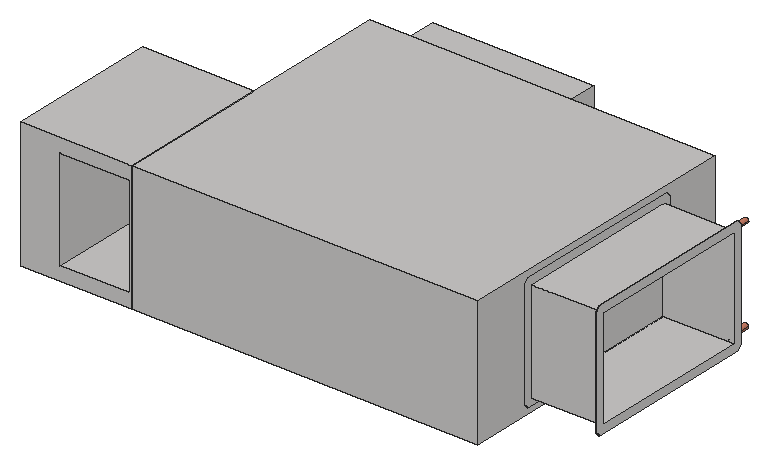
Revit family
Parameters
  Width = 3' - 1"
  Voltage = 120 V
  Unit Weight = if(and(Size Option = 1, Number of Rows = 1), "189.0 lbs", if(and(Size Option = 1, Number of Rows = 2), "192.0 lbs", if(and(Size Option = 2, Number of Rows = 1), "194.0 lbs", if(and(Size Option = 2, Number of Rows = 2), "197.0 lbs", "0"))))  # "194.0 lbs"
  UltraLoc Liner = Choose Liner Option = 3  # no
  URL = "http://www.titus-hvac.com/"
  UL = "181"
  Supply Air Flow [instance] = 0 CFM
  SteriLoc Liner = Choose Liner Option = 2  # no
  Size Option = 2
  Size C = Size Option = 2  # yes
  Size B = Size Option = 1  # no
  Secondary Material = Copper Connectors
  Primary Air Pressure Drop [instance] = 0.00 in-wg
  Primary Air Flow [instance] = 0 CFM
  Pressure [instance] = 0.00 psi
  Plenum Air Pressure Drop [instance] = 0.00 in-wg
  Plenum Air Flow [instance] = 0 CFM
  Outlet Width = 1' - 8 1/2"
  Outlet Height = 1' - 0 1/2"
  Number of Rows = 1
  Number of Poles = 1
  Nominal Width = Width + 0' 6 1/4"  # 3' - 7 1/4"
  Nominal Length = Length + 1' 1 7/8" + 0' 9"  # 5' - 5 7/8"
  Nominal Inlet Size = 0' - 8"
  Nominal Height = 1' - 4"
  NFPA = "90A"
  Motor Full Load Amps [instance] = 4 A
  Model = "DTFS-F"
  Min. Air Flow = 0 CFM
  Max. Air Flow = 900 CFM
  Material = Galvanized Steel
  Manufacturer = "Titus"
  Length = 3' - 7"
  Juction Box Offset = 0' - 2 7/8"
  Inlet Diameter = Nominal Inlet Size - 0' 0 1/8"  # 0' - 7 7/8"
  Induced Air Inlet Width = 1' - 1 7/8"
  Induced Air Inlet Offset = (Height - Induced Air Inlet Connection Height) / 2  # 0' - 1 11/16"
  Induced Air Inlet Height = 1' - 7"
  Induced Air Inlet Connection Width = 0' - 8 3/4"
  Induced Air Inlet Connection Height = 1' - 0 5/8"
  Induced Air Filter = no
  Height = 1' - 4"
  Heating Total Capacity [instance] = 0 Btu/h
  Heating Entering Water Temp = 0 °F
  Half Outlet Connection Width = Outlet Width / 2  # 0' - 10 1/4"
  Half Outlet Connection Height = Outlet Height / 2  # 0' - 6 1/4"
  Half Height Start = -(Height / 2)  # -0' - 8"
  Half Height End = Height / 2  # 0' - 8"
  HWC Option = HWC Section : B-C - 1 Row
  HWC Connector Radius = 5/16"
  HP-Motor = "1/4"
  Gallons Per Minute [instance] = 0 GPM
  Frequency = 60 Hz
  Flange Offset = 0' - 1"
  Filter Size = "11\"x14\""
  Fiber Free Liner = Choose Liner Option = 1  # no
  Fan Disconnect Switch = no
  Duct Radius = Nominal Inlet Size / 2  # 0' - 4"
  Description = "Ultra Quiet Series Fan Powered Terminal Unit, Direct Digital Control, Pressure Independent"
  Connector Vertical Offset = 0' - 11 3/4"
  HWC Connector Length = 0' - 3"
  Connector Horizontal Offset = if(Number of Rows = 1, 0' 0", if(Number of Rows = 2, 0' 1", 0' 0"))  # 0' - 0"
  Connection Void Radius = Connection Radius - 0' 0 1/4"  # 0' - 3 11/16"
  Connection Radius = Inlet Diameter / 2  # 0' - 3 15/16"
  Choose Liner Option = 0
  CADworks URL = "www.CADworks.net"
  Assembly Code = "D3040100"
  Apparent Power [instance] = Voltage * Motor Full Load Amps  # 480 VA
  Air Inlet Offset = 0' - 6"
  1/2" Fiberglass Liner = Choose Liner Option = 0  # yes
  1" Fiberglass Liner = Choose Liner Option = 4  # no
Reference planes (in)
  plane 1 "Center (Front/Back)": y = 0
  plane 2: z = 0
  plane 3 "Center (Left/Right)": x = 3
  plane 4: x = -18.5
  plane 5: x = 24.5
  plane 6: x = -15.625
  plane 7: x = -21.875
  plane 8: z = 0
  plane 9: y = -18.5
  plane 10: y = 18.5
  plane 11: y = 12.5
  plane 12: z = 0
  plane 13: x = 33.5
  plane 14: x = 32.5
  plane 15: y = 13.25
  plane 16: y = 10.25
  plane 17: z = 5.875
  plane 18: z = -5.875
  plane 19: x = 32.5
  plane 20: y = 24.75
  plane 21: x = -32.375
  plane 22: z = 8
  plane 23: z = -8
Forms (in)
  Extrusion 1, solid, material "Galvanized Steel" <- "Material"
    sketch origin (0, 0, 0) x (1, 0, 0) y (0, 1, 0)
      loop
        line (-18.5, 18.5) -> (-18.5, -18.5) -> (24.5, -18.5) -> (24.5, 18.5) -> (-18.5, 18.5)
    from -8 <- "Half Height Start" to 8 <- "Half Height End"
  Extrusion 2, solid, material "Galvanized Steel" <- "Material"
    sketch origin (0, 0, 0) x (1, 0, 0) y (0, 1, 0)
      loop
        line (-32.375, 0.5) -> (-32.375, -18.5) -> (-18.5, -18.5) -> (-18.5, 0.5) -> (-32.375, 0.5)
    from -8 <- "Half Height Start" to 8 <- "Half Height End"
  Extrusion 3, void
    sketch origin (0, -18.5, 0) x (1, 0, 0) y (0, 0, -1)
      loop
        line (-18.75, 6.3125) -> (-27.5, 6.3125) -> (-27.5, -6.3125) -> (-18.75, -6.3125) -> (-18.75, 6.3125)
    from 0 to 16
  Extrusion 4, solid, material "Galvanized Steel" <- "Material"
    sketch origin (3, 0, 30) x (1, 0, 0) y (0, 1, 0)
      loop
        line (-18.625, 18.5) -> (1.375, 18.5) -> (1.375, 24.75) -> (-18.625, 24.75) -> (-18.625, 18.5)
    from -36 to -24
  Extrusion 5, solid, material "Galvanized Steel" <- "Material"
    sketch origin (-24.875, -2, 0) x (0, 0, -1) y (0, 1, 0)
      loop
        circle (0, 14.5) r 3.9375
    from 3 to 6.375
  Extrusion 6, void
    sketch origin (-24.875, 0, 0) x (0, 1, 0) y (0, 0, 1)
      loop
        circle (12.5, 0) r 3.6875
    from -4.24974 to 15.25
  Extrusion 7, void, detail levels fine
    sketch origin (33.5, -10.25, 6.25) x (0, 0, 1) y (0, -1, 0)
      loop
        line (-12.5, 0) -> (-12.5, -20.5) -> (0, -20.5) -> (0, 0) -> (-12.5, 0)
    from -0.0625 to 0
  Extrusion 8, solid, material "Copper Connectors" <- "Secondary Material", detail levels fine
    sketch origin (0, 0, 0) x (1, 0, 0) y (0, 0, 1)
      loop
        circle (32.5, 5.875) r 0.3125
    from -13.25 to -10.3125
  Extrusion 9, solid, material "Copper Connectors" <- "Secondary Material", detail levels fine
    sketch origin (0, 0, 0) x (1, 0, 0) y (0, 0, 1)
      loop
        circle (32.5, -5.875) r 0.3125
    from -13.25 to -10.3125
Cuts and joins
  Extrusion 3 cuts Extrusion 2
  Extrusion 6 cuts Extrusion 1
  Extrusion 6 cuts Extrusion 5
Dimensions and locks (in)
  "Length": plane 5 to plane 4
  equal spacing: plane 5, plane 3 "Center (Left/Right)", plane 4
  locked: Extrusion 4 to plane 6 at 0
  locked: Extrusion 4 to Extrusion 4 at 20
  "Juction Box Offset": plane 6 to plane 4
  locked: plane 4 to plane 7 at 3.375
  "Width": plane 9 to plane 10
  equal spacing: plane 9, plane 1 "Center (Front/Back)", plane 10
  locked: Extrusion 5 sketch curve to level at 0
  locked: Extrusion 5 sketch curve to plane 11 at 0
  locked: Extrusion 6 sketch curve to level at 0
  locked: Extrusion 6 sketch curve to plane 11 at 0
  locked: Extrusion 4 to Extrusion 4 at 6.25
  locked: Extrusion 4 to Extrusion 4 at 12
  equal spacing: Extrusion 4, plane 8, Extrusion 4
  "Air Inlet Offset": plane 10 to plane 11
  "Induced Air Inlet Height": cut or joined group of Extrusion 2, Extrusion 3 to cut or joined group of Extrusion 2, Extrusion 3
  locked: cut or joined group of Extrusion 5, Extrusion 6 to cut or joined group of Extrusion 5, Extrusion 6 at 3.375
  "Induced Air Inlet Connection Height": Extrusion 3 sketch curve to Extrusion 3 sketch curve
  "Induced Air Inlet Offset": Extrusion 3 sketch curve to cut or joined group of Extrusion 2, Extrusion 3
  "Induced Air Inlet Connection Width": Extrusion 3 sketch curve to Extrusion 3 sketch curve
  locked: Extrusion 3 sketch curve to cut or joined group of Extrusion 1, Extrusion 6 at 0.25
  locked: plane 5 to plane 13 at 9
  locked: plane 14 to plane 13 at 1
  locked: plane 17 to plane 18 at 11.75
  equal spacing: plane 17, plane 12, plane 18
  "Connector Horizontal Offset": plane 19 to plane 14
  "HWC Connector Length": plane 16 to plane 15
  locked: cut or joined group of Extrusion 2, Extrusion 3 to cut or joined group of Extrusion 2, Extrusion 3 at 16
  equal spacing: cut or joined group of Extrusion 2, Extrusion 3, plane 12, cut or joined group of Extrusion 2, Extrusion 3
  locked: cut or joined group of Extrusion 1, Extrusion 6 to cut or joined group of Extrusion 2, Extrusion 3 at 16
  equal spacing: cut or joined group of Extrusion 1, Extrusion 6, plane 12, cut or joined group of Extrusion 1, Extrusion 6
  locked: cut or joined group of Extrusion 2, Extrusion 3 to cut or joined group of Extrusion 2, Extrusion 3 at 13.875
  locked: nested 1 to cut or joined group of Extrusion 1, Extrusion 6 at 1.6875
  locked: cut or joined group of Extrusion 1, Extrusion 6 to nested 1 at 1.6875
  "Connection Radius": radius of Extrusion 5 sketch curve
  "Connection Void Radius": radius of Extrusion 6 sketch curve
  "HWC Connector Radius": radius of Extrusion 8 sketch curve
  "HWC Connector Radius": radius of Extrusion 9 sketch curve
  aligned and locked: plane 10 to Extrusion 4
  aligned and locked: plane 7 to cut or joined group of Extrusion 5, Extrusion 6
  aligned and locked: plane 9 to cut or joined group of Extrusion 2, Extrusion 3  (x3)
  aligned and locked: nested 1 to Extrusion 8
  aligned and locked: plane 15 to Extrusion 8
  aligned and locked: nested 1 to Extrusion 9
  aligned and locked: plane 15 to Extrusion 9
  aligned and locked: plane 5 to cut or joined group of Extrusion 1, Extrusion 6
  aligned and locked: cut or joined group of Extrusion 1, Extrusion 6 to plane 10
  aligned and locked: plane 9 to cut or joined group of Extrusion 1, Extrusion 6
  aligned and locked: cut or joined group of Extrusion 1, Extrusion 6 to plane 4
  aligned and locked: cut or joined group of Extrusion 1, Extrusion 6 to nested 1
  aligned and locked: cut or joined group of Extrusion 5, Extrusion 6 to cut or joined group of Extrusion 1, Extrusion 6
  aligned and locked: cut or joined group of Extrusion 2, Extrusion 3 to cut or joined group of Extrusion 1, Extrusion 6
  aligned and locked: plane 22 to cut or joined group of Extrusion 2, Extrusion 3
  aligned and locked: plane 22 to cut or joined group of Extrusion 1, Extrusion 6
  aligned and locked: plane 23 to cut or joined group of Extrusion 2, Extrusion 3
  aligned and locked: plane 23 to cut or joined group of Extrusion 1, Extrusion 6
  aligned and locked: plane 20 to Extrusion 4
  aligned and locked: plane 21 to cut or joined group of Extrusion 2, Extrusion 3
  aligned and locked: plane 13 to nested 1
Automatic sketch dimensions
  Extrusion 1 sketch curve to plane 4 = 0' - 0"
  Extrusion 1 sketch curve to plane 5 = 0' - 0"
  Extrusion 1 sketch curve to plane 9 = 0' - 0"
  Extrusion 1 sketch curve to plane 10 = 0' - 0"
  Extrusion 2 sketch curve to plane 4 = 0' - 0"
  Extrusion 2 sketch curve to plane 9 = 0' - 0"
  Extrusion 2 sketch curve to plane 1 "Center (Front/Back)" = 0' - 0 1/2"
  Extrusion 4 sketch curve to plane 6 = 0' - 0"
  Extrusion 4 sketch curve to plane 10 = 0' - 0"
  plane 3 "Center (Left/Right)" to Extrusion 4 sketch curve = 0' - 1 3/8"
  Extrusion 4 sketch curve to plane 10 = 0' - 6 1/4"
  Extrusion 2 sketch curve to plane 7 = 0' - 10 1/2"
  Extrusion 7 sketch curve to nested 1 = 0' - 0"  (x4)
  Extrusion 8 sketch curve to plane 17 = 0' - 0"
  Extrusion 8 sketch curve to plane 19 = 0' - 0"
  Extrusion 9 sketch curve to plane 14 = 0' - 0"
  Extrusion 9 sketch curve to plane 18 = 0' - 0"
Nested families (in)
  nested 1: "HWC Section" at (29, 0, 0) x (0, 1, 0) z (0, 0, 1), type <- "HWC Option", type "B-C - 1 Row"
Connectors (in)
  electrical at (-5.625, 24.75, 0), driven by "Apparent Power", driven by "Voltage", driven by "Number of Poles"
    settings: on Extrusion 4, index 8
  hvac at (-21.875, 12.5, 0), driven by "Duct Radius", driven by "Primary Air Pressure Drop", driven by "Primary Air Flow"
    settings: on cut or joined group of Extrusion 5, Extrusion 6, index 9
  hvac at (-23.125, -18.5, 0), driven by "Induced Air Inlet Connection Height", driven by "Induced Air Inlet Connection Width", driven by "Plenum Air Pressure Drop", driven by "Plenum Air Flow"
    settings: on cut or joined group of Extrusion 2, Extrusion 3, index 10
  hvac at (33.5, 0, 0), driven by "Outlet Height", driven by "Outlet Width", driven by "Supply Air Flow"
    settings: on Extrusion 7, index 11
  piping at (32.5, 13.25, 5.875), driven by "Gallons Per Minute", driven by "Pressure", driven by "HWC Connector Radius"
    settings: on Extrusion 8, index 12
  piping at (32.5, 13.25, -5.875), driven by "Gallons Per Minute", driven by "HWC Connector Radius", driven by "Pressure"
    settings: on Extrusion 9, index 13
Definition of nested family "HWC Section"
  Parameters (values of type "B-C - 1 Row")
    Visibility = yes
    Secondary Material = Copper Connectors
    Number of Rows = 1
    Material = Galvanized Steel
    Half Width = HWC Width / 2  # 0' - 10 1/4"
    Half Length-Start = -(HWC Length / 2)  # -0' - 4 1/2"
    Half Length-End = HWC Length / 2  # 0' - 4 1/2"
    HWC Connection Radius = 5/16"
    Flange Offset = 0' - 1"
    Duct Vertical Offset = HWC Height - 0' 0 1/2"  # 1' - 0"
    Duct Horizontal Offset = HWC Width - 0' 0 1/2"  # 1' - 8"
    Connector Vertical Offset = 0' - 11 3/4"
    HWC Width = 1' - 8 1/2"
    HWC Height = 1' - 0 1/2"
    HWC Length = 0' - 9"  # constant formula
    Gallons Per Minute = 0 GPM
    Connector Length = 0' - 3"
    Connector Horizontal Offset = 0' - 0"
  Types (5): name | Number of Rows | Half Width | Flange Offset | Duct Vertical Offset | Duct Horizontal Offset | Connector Vertical Offset | HWC Width | HWC Height | Connector Horizontal Offset
    (no name) | 1 | 0' - 10 1/4" | 0' - 1" | 1' - 0" | 1' - 8" | 0' - 11 3/4" | 1' - 8 1/2" | 1' - 0 1/2" | 0' - 0"
    B-C - 1 Row | 1 | 0' - 10 1/4" | 0' - 1" | 1' - 0" | 1' - 8" | 0' - 11 3/4" | 1' - 8 1/2" | 1' - 0 1/2" | 0' - 0"
    B-C - 2 Row | 2 | 0' - 10 1/4" | 0' - 1" | 1' - 0" | 1' - 8" | 0' - 11 3/4" | 1' - 8 1/2" | 1' - 0 1/2" | 0' - 1"
    D-E - 1 Row | 1 | 1' - 0 1/2" | 0' - 1 1/4" | 1' - 5" | 2' - 0 1/2" | 1' - 4 1/4" | 2' - 1" | 1' - 5 1/2" | 0' - 0"
    D-E - 2 Row | 2 | 1' - 0 1/2" | 0' - 1 1/4" | 1' - 5" | 2' - 0 1/2" | 1' - 4 3/4" | 2' - 1" | 1' - 5 1/2" | 0' - 1"
  Reference planes (in)
    plane 1 "Center (Front/Back)": y = 0
    plane 2: z = 0
    plane 3 "Center (Left/Right)": x = 0
    plane 4: x = -10.25
    plane 5: x = 10.25
    plane 6: y = 4.5
    plane 7: y = -4.5
    plane 8: z = 6.25
    plane 9: z = -6.25
    plane 10: z = 5.875
    plane 11: z = -5.875
    plane 12: y = 3.5
    plane 13: y = 3.5
    plane 14: x = 13.25
  Forms (in)
    Extrusion 1, solid, material "Galvanized Steel" <- "Material", visible <- "Visibility"
      sketch origin (0, 0, 0) x (1, 0, 0) y (0, 0, 1)
        loop
          line (-10.3125, 6.3125) -> (-10.3125, -6.3125) -> (10.3125, -6.3125) -> (10.3125, 6.3125) -> (-10.3125, 6.3125)
      from -4.375 <- "Half Length-Start" to 4.5 <- "Half Length-End"
    Extrusion 2, void, detail levels fine
      sketch origin (0, 0, 0) x (1, 0, 0) y (0, 0, 1)
        loop
          line (-10.25, -6.25) -> (10.25, -6.25) -> (10.25, 6.25) -> (-10.25, 6.25) -> (-10.25, -6.25)
      from -4.5 <- "Half Length-Start" to 4.5 <- "Half Length-End"
    Extrusion 3, solid, material "Copper Connectors" <- "Secondary Material", visible <- "Visibility"
      sketch origin (6, 2.625, 0) x (0, 1, 0) y (0, 0, 1)
        loop
          circle (0.875, -5.875) r 0.3125
      from 4.3125 to 7.25
    Extrusion 4, solid, material "Galvanized Steel" <- "Material", visible <- "Visibility"
      sketch origin (0, -4.375, 0) x (1, 0, 0) y (0, 0, 1)
        loop
          line (-10.25, 6.25) -> (-10.25, -6.25) -> (10.25, -6.25) -> (10.25, 6.25) -> (-10.25, 6.25)
        loop
          line (-11.25, 6.75) -> (-11.25, -6.75) -> (-10.75, -7.25) -> (10.75, -7.25) -> (11.25, -6.75) -> (11.25, 6.75) -> (10.75, 7.25) -> (-10.75, 7.25) -> (-11.25, 6.75)
      from 0 to 0.125
    Extrusion 5, solid, material "Copper Connectors" <- "Secondary Material", visible <- "Visibility"
      sketch origin (6, -0.5, 0) x (0, 1, 0) y (0, 0, 1)
        loop
          circle (4, 5.875) r 0.3125
      from 4.3125 to 7.25
    Extrusion 6, solid, material "Galvanized Steel" <- "Material", visible <- "Visibility"
      sketch origin (0, 4.375, 0) x (1, 0, 0) y (0, 0, -1)
        loop
          line (-10.25, -6.25) -> (10.25, -6.25) -> (10.25, 6.25) -> (-10.25, 6.25) -> (-10.25, -6.25)
        loop
          line (-11.25, -6.75) -> (-10.75, -7.25) -> (10.75, -7.25) -> (11.25, -6.75) -> (11.25, 6.75) -> (10.75, 7.25) -> (-10.75, 7.25) -> (-11.25, 6.75) -> (-11.25, -6.75)
      from 0 to 0.125
  Cuts and joins
    Extrusion 2 cuts Extrusion 1
    joined: Extrusion 1, Extrusion 4, Extrusion 6
  Dimensions and locks (in)
    "HWC Width": plane 4 to plane 5
    equal spacing: plane 4, plane 3 "Center (Left/Right)", plane 5
    "HWC Height": plane 8 to plane 9
    equal spacing: plane 8, plane 2, plane 9
    equal spacing: plane 10, plane 2, plane 11
    locked: plane 12 to plane 6 at 1
    "Connector Horizontal Offset": plane 13 to plane 12
    locked: plane 7 to Extrusion 4 at 0.125
    locked: Extrusion 6 to plane 6 at 0.125
    locked: plane 4 to Extrusion 1 sketch curve at 0.0625
    locked: Extrusion 4 to Extrusion 1 sketch curve at 0.0625
    locked: Extrusion 1 sketch curve to plane 8 at 0.0625
    locked: plane 9 to Extrusion 1 sketch curve at 0.0625
    "Connector Length": plane 5 to plane 14
    "HWC Length": plane 6 to plane 7
    equal spacing: plane 6, plane 1 "Center (Front/Back)", plane 7
    "Connector Vertical Offset": plane 10 to plane 11
    equal spacing: plane 10, level, plane 11
    "HWC Width": Extrusion 4 sketch curve to Extrusion 4 sketch curve
    equal spacing: Extrusion 4 sketch curve, plane 3 "Center (Left/Right)", Extrusion 4 sketch curve
    "HWC Height": Extrusion 4 sketch curve to Extrusion 4 sketch curve
    equal spacing: Extrusion 4 sketch curve, plane 2, Extrusion 4 sketch curve
    "Flange Offset": cut or joined group of Extrusion 1, Extrusion 2, Extrusion 4, Extrusion 6 to plane 8
    "Flange Offset": plane 9 to cut or joined group of Extrusion 1, Extrusion 2, Extrusion 4, Extrusion 6
    locked: cut or joined group of Extrusion 1, Extrusion 2, Extrusion 4, Extrusion 6 to plane 4 at 1  (x2)
    locked: cut or joined group of Extrusion 1, Extrusion 2, Extrusion 4, Extrusion 6 to plane 5 at 1  (x2)
    "HWC Width": Extrusion 6 sketch curve to Extrusion 6 sketch curve
    "HWC Height": Extrusion 6 sketch curve to Extrusion 6 sketch curve
    equal spacing: Extrusion 6 sketch curve, plane 3 "Center (Left/Right)", Extrusion 6 sketch curve
    equal spacing: Extrusion 6 sketch curve, plane 2, Extrusion 6 sketch curve
    "HWC Height": Extrusion 2 sketch curve to Extrusion 2 sketch curve
    "HWC Width": Extrusion 2 sketch curve to Extrusion 2 sketch curve
    equal spacing: Extrusion 2 sketch curve, plane 3 "Center (Left/Right)", Extrusion 2 sketch curve
    equal spacing: Extrusion 2 sketch curve, plane 2, Extrusion 2 sketch curve
    locked: plane 5 to Extrusion 3 at 0.0625
    locked: plane 5 to Extrusion 5 at 0.0625
    "Flange Offset": Extrusion 6 sketch curve to plane 8  (x2)
    "Flange Offset": plane 9 to Extrusion 6 sketch curve  (x2)
    "HWC Connection Radius": radius of Extrusion 3 sketch curve
    "HWC Connection Radius": radius of Extrusion 5 sketch curve
    aligned and locked: plane 7 to Extrusion 4
    aligned and locked: plane 6 to Extrusion 6
    aligned and locked: plane 14 to Extrusion 5
    aligned and locked: plane 14 to Extrusion 3
    aligned and locked: Extrusion 6 to cut or joined group of Extrusion 1, Extrusion 2, Extrusion 4, Extrusion 6
    aligned and locked: Extrusion 4 to Extrusion 4
  Automatic sketch dimensions
    Extrusion 3 sketch curve to plane 11 = 0' - 0"
    Extrusion 3 sketch curve to plane 12 = 0' - 0"
    plane 4 to Extrusion 4 sketch curve = 0' - 1"
    plane 4 to Extrusion 4 sketch curve = 0' - 0 1/2"  (x2)
    Extrusion 4 sketch curve to plane 5 = 0' - 0 1/2"  (x2)
    Extrusion 4 sketch curve to Extrusion 4 sketch curve = 0' - 0 1/2"  (x3)
    Extrusion 4 sketch curve to plane 9 = 0' - 0 1/2"  (x2)
    plane 8 to Extrusion 4 sketch curve = 0' - 0 1/2"  (x2)
    Extrusion 5 sketch curve to plane 10 = 0' - 0"
    Extrusion 5 sketch curve to plane 13 = 0' - 0"
    plane 4 to Extrusion 6 sketch curve = 0' - 1"
    plane 4 to Extrusion 6 sketch curve = 0' - 0 1/2"  (x2)
    Extrusion 6 sketch curve to plane 5 = 0' - 0 1/2"  (x2)
    Extrusion 6 sketch curve to Extrusion 6 sketch curve = 0' - 0 1/2"  (x2)
    plane 8 to Extrusion 6 sketch curve = 0' - 0 1/2"  (x2)
    Extrusion 6 sketch curve to plane 9 = 0' - 0 1/2"
